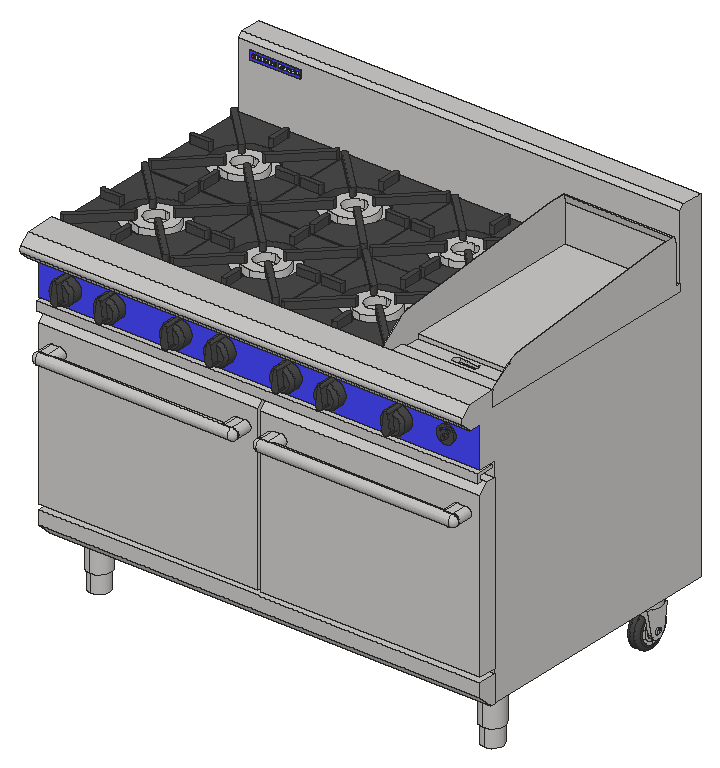
Revit family "QF_MOFFAT_BLUESEAL_CE_G528C", category Specialty Equipment, Revit 2012 (continued)
Definition of nested family "WALDORF LOGO_FACE BASE"
  Forms (mm)
    Extrusion 3, solid, material "QF_Finishes_White", visible <- "Show Logo"
      sketch origin (0, -33.217, 1.588) x (1, 0, 0) y (0, 1, 0)
        loop
          line (123.478, 25.919) -> (123.478, 17.163) -> (134.904, 17.163) -> (134.904, 19.129) -> (129.246, 19.129) -> (129.246, 25.919) -> (123.478, 25.919)
        loop
          line (112.704, 21.258) -> (115.546, 21.258) -> (115.546, 22.702)
          arc (115.546, 22.702) -> (115.344, 23.188) -> (114.858, 23.389) r 0.687
          line (114.858, 23.389) -> (113.363, 23.389)
          arc (113.363, 23.389) -> (112.897, 23.196) -> (112.704, 22.73) r 0.658
          line (112.704, 22.73) -> (112.704, 21.258)
        loop
          line (105.071, 25.919) -> (93.771, 25.919) -> (93.771, 17.163) -> (105.071, 17.163) -> (105.071, 19.063) -> (99.535, 19.063) -> (99.535, 20.437) -> (105.071, 20.437) -> (105.071, 22.278) -> (99.535, 22.278) -> (99.535, 23.587) -> (105.071, 23.587) -> (105.071, 25.919)
        loop
          line (91.104, 25.919) -> (79.541, 25.919)
          arc (79.541, 25.919) -> (78.558, 25.513) -> (78.152, 24.53) r 1.389
          line (78.152, 24.53) -> (78.152, 22.08)
          arc (78.152, 22.08) -> (78.558, 21.098) -> (79.541, 20.691) r 1.389
          line (79.541, 20.691) -> (86.346, 20.691) -> (86.346, 18.864) -> (83.266, 18.864) -> (83.266, 19.664) -> (78.152, 19.664) -> (78.152, 18.553)
          arc (78.152, 18.553) -> (78.558, 17.57) -> (79.541, 17.163) r 1.389
          line (79.541, 17.163) -> (91.063, 17.163)
          arc (91.063, 17.163) -> (92.045, 17.57) -> (92.452, 18.553) r 1.389
          line (92.452, 18.553) -> (92.452, 20.691)
          arc (92.452, 20.691) -> (92.045, 21.673) -> (91.063, 22.08) r 1.389
          line (91.063, 22.08) -> (83.266, 22.08) -> (83.266, 23.984) -> (86.346, 23.984) -> (86.346, 22.743) -> (92.452, 22.743) -> (92.452, 24.571)
          arc (92.452, 24.571) -> (92.057, 25.524) -> (91.104, 25.919) r 1.348
        loop
          line (70.705, 25.919) -> (59.405, 25.919) -> (59.405, 17.163) -> (70.705, 17.163) -> (70.705, 19.063) -> (65.169, 19.063) -> (65.169, 20.437) -> (70.705, 20.437) -> (70.705, 22.278) -> (65.169, 22.278) -> (65.169, 23.587) -> (70.705, 23.587) -> (70.705, 25.919)
        loop
          line (57.598, 25.919) -> (51.7, 25.919) -> (51.7, 20.18)
          arc (51.7, 20.18) -> (50.63, 19.11) -> (49.56, 20.18) r 1.07
          line (49.56, 20.18) -> (49.56, 25.919) -> (43.663, 25.919) -> (43.663, 19.049)
          arc (43.663, 19.049) -> (44.215, 17.716) -> (45.548, 17.163) r 1.885
          line (45.548, 17.163) -> (55.71, 17.163)
          arc (55.71, 17.163) -> (57.045, 17.716) -> (57.598, 19.051) r 1.887
          line (57.598, 19.051) -> (57.598, 25.919)
        loop
          line (31.62, 25.919) -> (31.62, 17.163) -> (43.046, 17.163) -> (43.046, 19.129) -> (37.388, 19.129) -> (37.388, 25.919) -> (31.62, 25.919)
        loop
          line (15.969, 25.919) -> (15.969, 17.163) -> (28.693, 17.163)
          arc (28.693, 17.163) -> (29.812, 17.627) -> (30.276, 18.746) r 1.582
          line (30.276, 18.746) -> (30.276, 20.447) -> (29.48, 21.243) -> (30.276, 22.039) -> (30.276, 24.332)
          arc (30.276, 24.332) -> (29.811, 25.454) -> (28.688, 25.919) r 1.587
          line (28.688, 25.919) -> (15.969, 25.919)
        loop
          line (21.449, 24.159) -> (21.449, 22.436) -> (23.862, 22.436)
          arc (23.862, 22.436) -> (24.723, 23.298) -> (23.862, 24.159) r 0.861
          line (23.862, 24.159) -> (21.449, 24.159)
        loop
          line (21.449, 20.244) -> (21.449, 18.522) -> (23.862, 18.522)
          arc (23.862, 18.522) -> (24.723, 19.383) -> (23.862, 20.244) r 0.861
          line (23.862, 20.244) -> (21.449, 20.244)
      from 0 to 0.2
    Extrusion 4, solid, material "QF_Finishes_Blue", visible <- "Show Logo"
      sketch origin (-126.498, -31.09, 1.588) x (1, 0, 0) y (0, 1, 0)
        loop
          line (136.738, 23.522) -> (136.738, 15.1)
          arc (136.738, 15.1) -> (140.756, 19.311) -> (136.738, 23.522) r 4.216
      from 0 to 0.2
    Extrusion 5, solid, material "QF_Finishes_Red", visible <- "Show Logo"
      sketch origin (146.849, -31.09, 1.588) x (-1, 0, 0) y (0, -1, 0)
        loop
          arc (136.738, -23.522) -> (140.756, -19.311) -> (136.738, -15.1) r 4.216
          line (136.738, -15.1) -> (136.738, -23.522)
      from 0 to 0.2
  Lines and regions (mm)
    Split face 1
      outline origin (-90.35, -30.793, 1.588) x (1, 0, 0) y (0, 1, 0)
        loop
          circle (100.54, 19.013) r 4.536
  Dimensions and locks
    aligned and locked: plane 2 to Extrusion 1
    aligned and locked: level to Extrusion 1
Definition of nested family "GAS BURNER 900 & GRIDDLE 300"
  Parameters (values of type "GAS BURNER 900 & GRIDDLE 300")
    Width [instance] = 1200 mm
    Weight in Pounds = 0
    URL Cutsheet = ""
    Type Mark [instance] = ""
    Status [instance] = ""
    Specification by User [instance] = ""
    Specification by Manufacturer = ""
    Serial Number = ""
    Seismic Rating = ""
    SMACNA No = ""
    Revision Code [instance] = ""
    Omniclass Number and Title = ""
    NAFEM Spec ID Number = ""
    Masterspec = ""
    Item Number [instance] = ""
    Installed By [instance] = ""
    Identify Quantity as Lot [instance] = yes
    Furnished By [instance] = ""
    Foodservice Equipment Identifier [instance] = yes
    Depth [instance] = 635 mm
    CSI MasterFormat = ""
    CSI Master Format = ""
  Reference planes
    plane 1 "BACK": y = 0
    plane 2: z = 0
    plane 3 "LEFT": x = 0
    plane 4 "RIGHT": x = 1200
    plane 5 "FRONT": y = -635
    plane 6 "TOP": z = 142.5
    plane 7 "Center Y": x = 600
    plane 8 "Center X": y = -317.5
  Dimensions and locks
    equal spacing: plane 3 "LEFT", plane 7 "Center Y", plane 4 "RIGHT"
    "Width": plane 3 "LEFT" to plane 4 "RIGHT"
    equal spacing: plane 5 "FRONT", plane 8 "Center X", plane 1 "BACK"
    "Depth": plane 5 "FRONT" to plane 1 "BACK"
    aligned and locked: level to plane 2
  Nested families
    nested 1: "GAS BURNER 900" at (-1, 0, 0), type "GAS BURNER 900"
      with Width 900 mm, Type Mark "", Status "", Specification by User "", Revision Code "", Item Number "", Installed By "", Identify Quantity as Lot yes, Furnished By "", Foodservice Equipment Identifier yes, Depth 635 mm
    nested 2: "GAS GRIDDLE PLATE 600" at (900, -15, 0), type "GAS GRIDDLE PLATE 600"
      with Width 300 mm, Type Mark "", Status "", Specification by User "", Revision Code "", Item Number "", Installed By "", Identify Quantity as Lot yes, Furnished By "", Foodservice Equipment Identifier yes, Depth 620 mm
  Definition of nested family "GAS BURNER 900"
    Parameters (values of type "GAS BURNER 900")
      Width [instance] = 900 mm
      Weight in Pounds = 0
      URL Cutsheet = ""
      Type Mark [instance] = ""
      Status [instance] = ""
      Specification by User [instance] = ""
      Specification by Manufacturer = ""
      Serial Number = ""
      Seismic Rating = ""
      SMACNA No = ""
      Revision Code [instance] = ""
      Omniclass Number and Title = ""
      NAFEM Spec ID Number = ""
      Masterspec = ""
      Item Number [instance] = ""
      Installed By [instance] = ""
      Identify Quantity as Lot [instance] = yes
      Furnished By [instance] = ""
      Foodservice Equipment Identifier [instance] = yes
      Depth [instance] = 635 mm
      CSI MasterFormat = ""
      CSI Master Format = ""
    Reference planes
      plane 1 "BACK": y = 0
      plane 2: z = 0
      plane 3 "LEFT": x = 0
      plane 4 "RIGHT": x = 900
      plane 5 "FRONT": y = -635
      plane 6 "TOP": z = 142.5
      plane 7 "Center Y": x = 450
      plane 8 "Center X": y = -317.5
    Forms (mm)
      Extrusion 1, solid, material "QF_Finishes_Black"
        sketch origin (0, 0, 0) x (0, -1, 0) y (1, 0, 0)
          loop
            line (318.5, 4) -> (318.5, 296)
            arc (318.5, 296) -> (317.621, 298.121) -> (315.5, 299) r 3
            line (315.5, 299) -> (3, 299)
            arc (3, 299) -> (0.879, 298.121) -> (0, 296) r 3
            line (0, 296) -> (0, 4)
            arc (0, 4) -> (0.879, 1.879) -> (3, 1) r 3
            line (3, 1) -> (315.5, 1)
            arc (315.5, 1) -> (317.621, 1.879) -> (318.5, 4) r 3
          loop
            line (324.5, 1) -> (632, 1)
            arc (632, 1) -> (634.121, 1.879) -> (635, 4) r 3
            line (635, 4) -> (635, 296)
            arc (635, 296) -> (634.121, 298.121) -> (632, 299) r 3
            line (632, 299) -> (324.5, 299)
            arc (324.5, 299) -> (322.379, 298.121) -> (321.5, 296) r 3
            line (321.5, 296) -> (321.5, 4)
            arc (321.5, 4) -> (322.379, 1.879) -> (324.5, 1) r 3
          loop
            circle (168.5, 149.991) r 84.082
          loop
            circle (468.5, 149.991) r 84.082
        from 0 to 19.5
      Extrusion 2, solid, material "QF_Finishes_Black"
        sketch origin (0, 0, 19.5) x (0, -1, 0) y (1, 0, 0)
          loop
            spline (326.102, 15.153) -> (325.181, 13.924) -> (324.631, 12.47) -> (324.49, 10.89) -> (324.767, 9.292) -> (325.443, 7.786) -> (326.473, 6.473) -> (327.786, 5.443) -> (329.292, 4.767) -> (330.89, 4.49) -> (332.47, 4.631) -> (333.924, 5.181) -> (335.153, 6.102)
            line (335.153, 6.102) -> (443.076, 114.025)
            spline (443.076, 114.025) -> (443.837, 115.095) -> (444.238, 116.399) -> (444.251, 117.851) -> (443.875, 119.35) -> (443.137, 120.795) -> (442.086, 122.086) -> (440.795, 123.137) -> (439.35, 123.875) -> (437.851, 124.251) -> (436.399, 124.238) -> (435.095, 123.837) -> (434.025, 123.076)
            line (434.025, 123.076) -> (326.102, 15.153)
          loop
            spline (328.898, 156.4) -> (327.604, 156.182) -> (326.398, 155.543) -> (325.362, 154.525) -> (324.568, 153.2) -> (324.068, 151.656) -> (323.898, 150) -> (324.068, 148.344) -> (324.568, 146.8) -> (325.362, 145.475) -> (326.398, 144.457) -> (327.604, 143.818) -> (328.898, 143.6)
            line (328.898, 143.6) -> (378.102, 143.6)
            spline (378.102, 143.6) -> (379.396, 143.818) -> (380.602, 144.457) -> (381.638, 145.475) -> (382.432, 146.8) -> (382.932, 148.344) -> (383.102, 150) -> (382.932, 151.656) -> (382.432, 153.2) -> (381.638, 154.525) -> (380.602, 155.543) -> (379.396, 156.182) -> (378.102, 156.4)
            line (378.102, 156.4) -> (328.898, 156.4)
          loop
            spline (335.153, 293.898) -> (334.084, 294.659) -> (332.779, 295.059) -> (331.328, 295.072) -> (329.829, 294.697) -> (328.384, 293.959) -> (327.092, 292.908) -> (326.041, 291.616) -> (325.303, 290.171) -> (324.928, 288.672) -> (324.941, 287.221) -> (325.341, 285.916) -> (326.102, 284.847)
            line (326.102, 284.847) -> (434.025, 176.924)
            spline (434.025, 176.924) -> (435.095, 176.163) -> (436.399, 175.762) -> (437.851, 175.749) -> (439.35, 176.125) -> (440.795, 176.863) -> (442.086, 177.914) -> (443.137, 179.205) -> (443.875, 180.65) -> (444.251, 182.149) -> (444.238, 183.601) -> (443.837, 184.905) -> (443.076, 185.975)
            line (443.076, 185.975) -> (335.153, 293.898)
          loop
            line (463.6, 291.102) -> (463.6, 241.898)
            spline (463.6, 241.898) -> (463.818, 240.604) -> (464.457, 239.398) -> (465.475, 238.362) -> (466.8, 237.568) -> (468.344, 237.068) -> (470, 236.898) -> (471.656, 237.068) -> (473.2, 237.568) -> (474.525, 238.362) -> (475.543, 239.398) -> (476.182, 240.604) -> (476.4, 241.898)
            line (476.4, 241.898) -> (476.4, 291.102)
            spline (476.4, 291.102) -> (476.182, 292.396) -> (475.543, 293.602) -> (474.525, 294.638) -> (473.2, 295.432) -> (471.656, 295.932) -> (470, 296.102) -> (468.344, 295.932) -> (466.8, 295.432) -> (465.475, 294.638) -> (464.457, 293.602) -> (463.818, 292.396) -> (463.6, 291.102)
          loop
            spline (612.398, 284.847) -> (613.159, 285.916) -> (613.559, 287.221) -> (613.572, 288.672) -> (613.197, 290.171) -> (612.459, 291.616) -> (611.408, 292.908) -> (610.116, 293.959) -> (608.671, 294.697) -> (607.172, 295.072) -> (605.721, 295.059) -> (604.416, 294.659) -> (603.347, 293.898)
            line (603.347, 293.898) -> (496.924, 185.975)
            spline (496.924, 185.975) -> (496.163, 184.905) -> (495.762, 183.601) -> (495.749, 182.149) -> (496.125, 180.65) -> (496.863, 179.205) -> (497.914, 177.914) -> (499.205, 176.863) -> (500.65, 176.125) -> (502.149, 175.749) -> (503.601, 175.762) -> (504.905, 176.163) -> (505.975, 176.924)
            line (505.975, 176.924) -> (612.398, 284.847)
          loop
            spline (609.602, 143.6) -> (610.896, 143.818) -> (612.102, 144.457) -> (613.138, 145.475) -> (613.932, 146.8) -> (614.432, 148.344) -> (614.602, 150) -> (614.432, 151.656) -> (613.932, 153.2) -> (613.138, 154.525) -> (612.102, 155.543) -> (610.896, 156.182) -> (609.602, 156.4)
            line (609.602, 156.4) -> (561.898, 156.4)
            spline (561.898, 156.4) -> (560.604, 156.182) -> (559.398, 155.543) -> (558.362, 154.525) -> (557.568, 153.2) -> (557.068, 151.656) -> (556.898, 150) -> (557.068, 148.344) -> (557.568, 146.8) -> (558.362, 145.475) -> (559.398, 144.457) -> (560.604, 143.818) -> (561.898, 143.6)
            line (561.898, 143.6) -> (609.602, 143.6)
          loop
            line (612.398, 15.153) -> (505.975, 123.076)
            spline (505.975, 123.076) -> (504.905, 123.837) -> (503.601, 124.238) -> (502.149, 124.251) -> (500.65, 123.875) -> (499.205, 123.137) -> (497.914, 122.086) -> (496.863, 120.795) -> (496.125, 119.35) -> (495.749, 117.851) -> (495.762, 116.399) -> (496.163, 115.095) -> (496.924, 114.025)
            line (496.924, 114.025) -> (603.347, 6.102)
            spline (603.347, 6.102) -> (604.416, 5.341) -> (605.721, 4.941) -> (607.172, 4.928) -> (608.671, 5.303) -> (610.116, 6.041) -> (611.408, 7.092) -> (612.459, 8.384) -> (613.197, 9.829) -> (613.572, 11.328) -> (613.559, 12.779) -> (613.159, 14.084) -> (612.398, 15.153)
          loop
            line (476.4, 8.898) -> (476.4, 58.102)
            spline (476.4, 58.102) -> (476.182, 59.396) -> (475.543, 60.602) -> (474.525, 61.638) -> (473.2, 62.432) -> (471.656, 62.932) -> (470, 63.102) -> (468.344, 62.932) -> (466.8, 62.432) -> (465.475, 61.638) -> (464.457, 60.602) -> (463.818, 59.396) -> (463.6, 58.102)
            line (463.6, 58.102) -> (463.6, 8.898)
            spline (463.6, 8.898) -> (463.818, 7.604) -> (464.457, 6.398) -> (465.475, 5.362) -> (466.8, 4.568) -> (468.344, 4.068) -> (470, 3.898) -> (471.656, 4.068) -> (473.2, 4.568) -> (474.525, 5.362) -> (475.543, 6.398) -> (476.182, 7.604) -> (476.4, 8.898)
          loop
            spline (22.602, 15.153) -> (21.681, 13.924) -> (21.131, 12.47) -> (20.99, 10.89) -> (21.267, 9.292) -> (21.943, 7.786) -> (22.973, 6.473) -> (24.286, 5.443) -> (25.792, 4.767) -> (27.39, 4.49) -> (28.97, 4.631) -> (30.424, 5.181) -> (31.653, 6.102)
            line (31.653, 6.102) -> (139.576, 114.025)
            spline (139.576, 114.025) -> (140.337, 115.095) -> (140.738, 116.399) -> (140.751, 117.851) -> (140.375, 119.35) -> (139.637, 120.795) -> (138.586, 122.086) -> (137.295, 123.137) -> (135.85, 123.875) -> (134.351, 124.251) -> (132.899, 124.238) -> (131.595, 123.837) -> (130.525, 123.076)
            line (130.525, 123.076) -> (22.602, 15.153)
          loop
            spline (25.398, 156.4) -> (24.104, 156.182) -> (22.898, 155.543) -> (21.862, 154.525) -> (21.068, 153.2) -> (20.568, 151.656) -> (20.398, 150) -> (20.568, 148.344) -> (21.068, 146.8) -> (21.862, 145.475) -> (22.898, 144.457) -> (24.104, 143.818) -> (25.398, 143.6)
            line (25.398, 143.6) -> (74.602, 143.6)
            spline (74.602, 143.6) -> (75.896, 143.818) -> (77.102, 144.457) -> (78.138, 145.475) -> (78.932, 146.8) -> (79.432, 148.344) -> (79.602, 150) -> (79.432, 151.656) -> (78.932, 153.2) -> (78.138, 154.525) -> (77.102, 155.543) -> (75.896, 156.182) -> (74.602, 156.4)
            line (74.602, 156.4) -> (25.398, 156.4)
          loop
            spline (31.653, 293.898) -> (30.584, 294.659) -> (29.279, 295.059) -> (27.828, 295.072) -> (26.329, 294.697) -> (24.884, 293.959) -> (23.592, 292.908) -> (22.541, 291.616) -> (21.803, 290.171) -> (21.428, 288.672) -> (21.441, 287.221) -> (21.841, 285.916) -> (22.602, 284.847)
            line (22.602, 284.847) -> (130.525, 176.924)
            spline (130.525, 176.924) -> (131.595, 176.163) -> (132.899, 175.762) -> (134.351, 175.749) -> (135.85, 176.125) -> (137.295, 176.863) -> (138.586, 177.914) -> (139.637, 179.205) -> (140.375, 180.65) -> (140.751, 182.149) -> (140.738, 183.601) -> (140.337, 184.905) -> (139.576, 185.975)
            line (139.576, 185.975) -> (31.653, 293.898)
          loop
            line (160.1, 291.102) -> (160.1, 241.898)
            spline (160.1, 241.898) -> (160.318, 240.604) -> (160.957, 239.398) -> (161.975, 238.362) -> (163.3, 237.568) -> (164.844, 237.068) -> (166.5, 236.898) -> (168.156, 237.068) -> (169.7, 237.568) -> (171.025, 238.362) -> (172.043, 239.398) -> (172.682, 240.604) -> (172.9, 241.898)
            line (172.9, 241.898) -> (172.9, 291.102)
            spline (172.9, 291.102) -> (172.682, 292.396) -> (172.043, 293.602) -> (171.025, 294.638) -> (169.7, 295.432) -> (168.156, 295.932) -> (166.5, 296.102) -> (164.844, 295.932) -> (163.3, 295.432) -> (161.975, 294.638) -> (160.957, 293.602) -> (160.318, 292.396) -> (160.1, 291.102)
          loop
            spline (313.898, 284.847) -> (314.659, 285.916) -> (315.059, 287.221) -> (315.072, 288.672) -> (314.697, 290.171) -> (313.959, 291.616) -> (312.908, 292.908) -> (311.616, 293.959) -> (310.171, 294.697) -> (308.672, 295.072) -> (307.221, 295.059) -> (305.916, 294.659) -> (304.847, 293.898)
            line (304.847, 293.898) -> (193.424, 185.975)
            spline (193.424, 185.975) -> (192.663, 184.905) -> (192.262, 183.601) -> (192.249, 182.149) -> (192.625, 180.65) -> (193.363, 179.205) -> (194.414, 177.914) -> (195.705, 176.863) -> (197.15, 176.125) -> (198.649, 175.749) -> (200.101, 175.762) -> (201.405, 176.163) -> (202.475, 176.924)
            line (202.475, 176.924) -> (313.898, 284.847)
          loop
            spline (311.102, 143.6) -> (312.396, 143.818) -> (313.602, 144.457) -> (314.638, 145.475) -> (315.432, 146.8) -> (315.932, 148.344) -> (316.102, 150) -> (315.932, 151.656) -> (315.432, 153.2) -> (314.638, 154.525) -> (313.602, 155.543) -> (312.396, 156.182) -> (311.102, 156.4)
            line (311.102, 156.4) -> (261.898, 156.4)
            spline (261.898, 156.4) -> (260.604, 156.182) -> (259.398, 155.543) -> (258.362, 154.525) -> (257.568, 153.2) -> (257.068, 151.656) -> (256.898, 150) -> (257.068, 148.344) -> (257.568, 146.8) -> (258.362, 145.475) -> (259.398, 144.457) -> (260.604, 143.818) -> (261.898, 143.6)
            line (261.898, 143.6) -> (311.102, 143.6)
          loop
            line (313.898, 15.153) -> (202.475, 123.076)
            spline (202.475, 123.076) -> (201.405, 123.837) -> (200.101, 124.238) -> (198.649, 124.251) -> (197.15, 123.875) -> (195.705, 123.137) -> (194.414, 122.086) -> (193.363, 120.795) -> (192.625, 119.35) -> (192.249, 117.851) -> (192.262, 116.399) -> (192.663, 115.095) -> (193.424, 114.025)
            line (193.424, 114.025) -> (304.847, 6.102)
            spline (304.847, 6.102) -> (305.916, 5.341) -> (307.221, 4.941) -> (308.672, 4.928) -> (310.171, 5.303) -> (311.616, 6.041) -> (312.908, 7.092) -> (313.959, 8.384) -> (314.697, 9.829) -> (315.072, 11.328) -> (315.059, 12.779) -> (314.659, 14.084) -> (313.898, 15.153)
          loop
            line (172.9, 8.898) -> (172.9, 58.102)
            spline (172.9, 58.102) -> (172.682, 59.396) -> (172.043, 60.602) -> (171.025, 61.638) -> (169.7, 62.432) -> (168.156, 62.932) -> (166.5, 63.102) -> (164.844, 62.932) -> (163.3, 62.432) -> (161.975, 61.638) -> (160.957, 60.602) -> (160.318, 59.396) -> (160.1, 58.102)
            line (160.1, 58.102) -> (160.1, 8.898)
            spline (160.1, 8.898) -> (160.318, 7.604) -> (160.957, 6.398) -> (161.975, 5.362) -> (163.3, 4.568) -> (164.844, 4.068) -> (166.5, 3.898) -> (168.156, 4.068) -> (169.7, 4.568) -> (171.025, 5.362) -> (172.043, 6.398) -> (172.682, 7.604) -> (172.9, 8.898)
        from 0 to 20.5
      Extrusion 3, solid, material "QF_Finishes_Stainless Steel"
        sketch origin (0, -15.098, 0) x (0, -1, 0) y (1, 0, 0)
          loop
            circle (151.402, 150) r 57
          loop
            circle (451.402, 150) r 57
          loop
            circle (151.402, 150) r 30
          loop
            circle (451.402, 150) r 30
        from 0 to 20
      Extrusion 4, solid, material "QF_Finishes_Black"
        sketch origin (600, 0, 0) x (0, -1, 0) y (1, 0, 0)
          loop
            arc (318.5, -4) -> (317.621, -1.879) -> (315.5, -1) r 3
            line (315.5, -1) -> (3, -1)
            arc (3, -1) -> (0.879, -1.879) -> (0, -4) r 3
            line (0, -4) -> (0, -296)
            arc (0, -296) -> (0.879, -298.121) -> (3, -299) r 3
            line (3, -299) -> (315.5, -299)
            arc (315.5, -299) -> (317.621, -298.121) -> (318.5, -296) r 3
            line (318.5, -296) -> (318.5, -4)
          loop
            arc (324.5, -1) -> (322.379, -1.879) -> (321.5, -4) r 3
            line (321.5, -4) -> (321.5, -296)
            arc (321.5, -296) -> (322.379, -298.121) -> (324.5, -299) r 3
            line (324.5, -299) -> (632, -299)
            arc (632, -299) -> (634.121, -298.121) -> (635, -296) r 3
            line (635, -296) -> (635, -4)
            arc (635, -4) -> (634.121, -1.879) -> (632, -1) r 3
            line (632, -1) -> (324.5, -1)
          loop
            circle (168.5, -149.991) r 84.082
          loop
            circle (468.5, -149.991) r 84.082
        from 0 to 19.5
      Extrusion 5, solid, material "QF_Finishes_Black"
        sketch origin (600, 0, 19.5) x (0, -1, 0) y (1, 0, 0)
          loop
            line (326.102, -15.153) -> (434.025, -123.076)
            spline (434.025, -123.076) -> (435.095, -123.837) -> (436.399, -124.238) -> (437.851, -124.251) -> (439.35, -123.875) -> (440.795, -123.137) -> (442.086, -122.086) -> (443.137, -120.795) -> (443.875, -119.35) -> (444.251, -117.851) -> (444.238, -116.399) -> (443.837, -115.095) -> (443.076, -114.025)
            line (443.076, -114.025) -> (335.153, -6.102)
            spline (335.153, -6.102) -> (333.924, -5.181) -> (332.47, -4.631) -> (330.89, -4.49) -> (329.292, -4.767) -> (327.786, -5.443) -> (326.473, -6.473) -> (325.443, -7.786) -> (324.767, -9.292) -> (324.49, -10.89) -> (324.631, -12.47) -> (325.181, -13.924) -> (326.102, -15.153)
          loop
            line (328.898, -156.4) -> (378.102, -156.4)
            spline (378.102, -156.4) -> (379.396, -156.182) -> (380.602, -155.543) -> (381.638, -154.525) -> (382.432, -153.2) -> (382.932, -151.656) -> (383.102, -150) -> (382.932, -148.344) -> (382.432, -146.8) -> (381.638, -145.475) -> (380.602, -144.457) -> (379.396, -143.818) -> (378.102, -143.6)
            line (378.102, -143.6) -> (328.898, -143.6)
            spline (328.898, -143.6) -> (327.604, -143.818) -> (326.398, -144.457) -> (325.362, -145.475) -> (324.568, -146.8) -> (324.068, -148.344) -> (323.898, -150) -> (324.068, -151.656) -> (324.568, -153.2) -> (325.362, -154.525) -> (326.398, -155.543) -> (327.604, -156.182) -> (328.898, -156.4)
          loop
            line (335.153, -293.898) -> (443.076, -185.975)
            spline (443.076, -185.975) -> (443.837, -184.905) -> (444.238, -183.601) -> (444.251, -182.149) -> (443.875, -180.65) -> (443.137, -179.205) -> (442.086, -177.914) -> (440.795, -176.863) -> (439.35, -176.125) -> (437.851, -175.749) -> (436.399, -175.762) -> (435.095, -176.163) -> (434.025, -176.924)
            line (434.025, -176.924) -> (326.102, -284.847)
            spline (326.102, -284.847) -> (325.341, -285.916) -> (324.941, -287.221) -> (324.928, -288.672) -> (325.303, -290.171) -> (326.041, -291.616) -> (327.092, -292.908) -> (328.384, -293.959) -> (329.829, -294.697) -> (331.328, -295.072) -> (332.779, -295.059) -> (334.084, -294.659) -> (335.153, -293.898)
          loop
            spline (463.6, -291.102) -> (463.818, -292.396) -> (464.457, -293.602) -> (465.475, -294.638) -> (466.8, -295.432) -> (468.344, -295.932) -> (470, -296.102) -> (471.656, -295.932) -> (473.2, -295.432) -> (474.525, -294.638) -> (475.543, -293.602) -> (476.182, -292.396) -> (476.4, -291.102)
            line (476.4, -291.102) -> (476.4, -241.898)
            spline (476.4, -241.898) -> (476.182, -240.604) -> (475.543, -239.398) -> (474.525, -238.362) -> (473.2, -237.568) -> (471.656, -237.068) -> (470, -236.898) -> (468.344, -237.068) -> (466.8, -237.568) -> (465.475, -238.362) -> (464.457, -239.398) -> (463.818, -240.604) -> (463.6, -241.898)
            line (463.6, -241.898) -> (463.6, -291.102)
          loop
            line (612.398, -284.847) -> (505.975, -176.924)
            spline (505.975, -176.924) -> (504.905, -176.163) -> (503.601, -175.762) -> (502.149, -175.749) -> (500.65, -176.125) -> (499.205, -176.863) -> (497.914, -177.914) -> (496.863, -179.205) -> (496.125, -180.65) -> (495.749, -182.149) -> (495.762, -183.601) -> (496.163, -184.905) -> (496.924, -185.975)
            line (496.924, -185.975) -> (603.347, -293.898)
            spline (603.347, -293.898) -> (604.416, -294.659) -> (605.721, -295.059) -> (607.172, -295.072) -> (608.671, -294.697) -> (610.116, -293.959) -> (611.408, -292.908) -> (612.459, -291.616) -> (613.197, -290.171) -> (613.572, -288.672) -> (613.559, -287.221) -> (613.159, -285.916) -> (612.398, -284.847)
          loop
            line (609.602, -143.6) -> (561.898, -143.6)
            spline (561.898, -143.6) -> (560.604, -143.818) -> (559.398, -144.457) -> (558.362, -145.475) -> (557.568, -146.8) -> (557.068, -148.344) -> (556.898, -150) -> (557.068, -151.656) -> (557.568, -153.2) -> (558.362, -154.525) -> (559.398, -155.543) -> (560.604, -156.182) -> (561.898, -156.4)
            line (561.898, -156.4) -> (609.602, -156.4)
            spline (609.602, -156.4) -> (610.896, -156.182) -> (612.102, -155.543) -> (613.138, -154.525) -> (613.932, -153.2) -> (614.432, -151.656) -> (614.602, -150) -> (614.432, -148.344) -> (613.932, -146.8) -> (613.138, -145.475) -> (612.102, -144.457) -> (610.896, -143.818) -> (609.602, -143.6)
          loop
            spline (612.398, -15.153) -> (613.159, -14.084) -> (613.559, -12.779) -> (613.572, -11.328) -> (613.197, -9.829) -> (612.459, -8.384) -> (611.408, -7.092) -> (610.116, -6.041) -> (608.671, -5.303) -> (607.172, -4.928) -> (605.721, -4.941) -> (604.416, -5.341) -> (603.347, -6.102)
            line (603.347, -6.102) -> (496.924, -114.025)
            spline (496.924, -114.025) -> (496.163, -115.095) -> (495.762, -116.399) -> (495.749, -117.851) -> (496.125, -119.35) -> (496.863, -120.795) -> (497.914, -122.086) -> (499.205, -123.137) -> (500.65, -123.875) -> (502.149, -124.251) -> (503.601, -124.238) -> (504.905, -123.837) -> (505.975, -123.076)
            line (505.975, -123.076) -> (612.398, -15.153)
          loop
            spline (476.4, -8.898) -> (476.182, -7.604) -> (475.543, -6.398) -> (474.525, -5.362) -> (473.2, -4.568) -> (471.656, -4.068) -> (470, -3.898) -> (468.344, -4.068) -> (466.8, -4.568) -> (465.475, -5.362) -> (464.457, -6.398) -> (463.818, -7.604) -> (463.6, -8.898)
            line (463.6, -8.898) -> (463.6, -58.102)
            spline (463.6, -58.102) -> (463.818, -59.396) -> (464.457, -60.602) -> (465.475, -61.638) -> (466.8, -62.432) -> (468.344, -62.932) -> (470, -63.102) -> (471.656, -62.932) -> (473.2, -62.432) -> (474.525, -61.638) -> (475.543, -60.602) -> (476.182, -59.396) -> (476.4, -58.102)
            line (476.4, -58.102) -> (476.4, -8.898)
          loop
            line (22.602, -15.153) -> (130.525, -123.076)
            spline (130.525, -123.076) -> (131.595, -123.837) -> (132.899, -124.238) -> (134.351, -124.251) -> (135.85, -123.875) -> (137.295, -123.137) -> (138.586, -122.086) -> (139.637, -120.795) -> (140.375, -119.35) -> (140.751, -117.851) -> (140.738, -116.399) -> (140.337, -115.095) -> (139.576, -114.025)
            line (139.576, -114.025) -> (31.653, -6.102)
            spline (31.653, -6.102) -> (30.424, -5.181) -> (28.97, -4.631) -> (27.39, -4.49) -> (25.792, -4.767) -> (24.286, -5.443) -> (22.973, -6.473) -> (21.943, -7.786) -> (21.267, -9.292) -> (20.99, -10.89) -> (21.131, -12.47) -> (21.681, -13.924) -> (22.602, -15.153)
          loop
            line (25.398, -156.4) -> (74.602, -156.4)
            spline (74.602, -156.4) -> (75.896, -156.182) -> (77.102, -155.543) -> (78.138, -154.525) -> (78.932, -153.2) -> (79.432, -151.656) -> (79.602, -150) -> (79.432, -148.344) -> (78.932, -146.8) -> (78.138, -145.475) -> (77.102, -144.457) -> (75.896, -143.818) -> (74.602, -143.6)
            line (74.602, -143.6) -> (25.398, -143.6)
            spline (25.398, -143.6) -> (24.104, -143.818) -> (22.898, -144.457) -> (21.862, -145.475) -> (21.068, -146.8) -> (20.568, -148.344) -> (20.398, -150) -> (20.568, -151.656) -> (21.068, -153.2) -> (21.862, -154.525) -> (22.898, -155.543) -> (24.104, -156.182) -> (25.398, -156.4)
          loop
            line (31.653, -293.898) -> (139.576, -185.975)
            spline (139.576, -185.975) -> (140.337, -184.905) -> (140.738, -183.601) -> (140.751, -182.149) -> (140.375, -180.65) -> (139.637, -179.205) -> (138.586, -177.914) -> (137.295, -176.863) -> (135.85, -176.125) -> (134.351, -175.749) -> (132.899, -175.762) -> (131.595, -176.163) -> (130.525, -176.924)
            line (130.525, -176.924) -> (22.602, -284.847)
            spline (22.602, -284.847) -> (21.841, -285.916) -> (21.441, -287.221) -> (21.428, -288.672) -> (21.803, -290.171) -> (22.541, -291.616) -> (23.592, -292.908) -> (24.884, -293.959) -> (26.329, -294.697) -> (27.828, -295.072) -> (29.279, -295.059) -> (30.584, -294.659) -> (31.653, -293.898)
          loop
            spline (160.1, -291.102) -> (160.318, -292.396) -> (160.957, -293.602) -> (161.975, -294.638) -> (163.3, -295.432) -> (164.844, -295.932) -> (166.5, -296.102) -> (168.156, -295.932) -> (169.7, -295.432) -> (171.025, -294.638) -> (172.043, -293.602) -> (172.682, -292.396) -> (172.9, -291.102)
            line (172.9, -291.102) -> (172.9, -241.898)
            spline (172.9, -241.898) -> (172.682, -240.604) -> (172.043, -239.398) -> (171.025, -238.362) -> (169.7, -237.568) -> (168.156, -237.068) -> (166.5, -236.898) -> (164.844, -237.068) -> (163.3, -237.568) -> (161.975, -238.362) -> (160.957, -239.398) -> (160.318, -240.604) -> (160.1, -241.898)
            line (160.1, -241.898) -> (160.1, -291.102)
          loop
            line (313.898, -284.847) -> (202.475, -176.924)
            spline (202.475, -176.924) -> (201.405, -176.163) -> (200.101, -175.762) -> (198.649, -175.749) -> (197.15, -176.125) -> (195.705, -176.863) -> (194.414, -177.914) -> (193.363, -179.205) -> (192.625, -180.65) -> (192.249, -182.149) -> (192.262, -183.601) -> (192.663, -184.905) -> (193.424, -185.975)
            line (193.424, -185.975) -> (304.847, -293.898)
            spline (304.847, -293.898) -> (305.916, -294.659) -> (307.221, -295.059) -> (308.672, -295.072) -> (310.171, -294.697) -> (311.616, -293.959) -> (312.908, -292.908) -> (313.959, -291.616) -> (314.697, -290.171) -> (315.072, -288.672) -> (315.059, -287.221) -> (314.659, -285.916) -> (313.898, -284.847)
          loop
            line (311.102, -143.6) -> (261.898, -143.6)
            spline (261.898, -143.6) -> (260.604, -143.818) -> (259.398, -144.457) -> (258.362, -145.475) -> (257.568, -146.8) -> (257.068, -148.344) -> (256.898, -150) -> (257.068, -151.656) -> (257.568, -153.2) -> (258.362, -154.525) -> (259.398, -155.543) -> (260.604, -156.182) -> (261.898, -156.4)
            line (261.898, -156.4) -> (311.102, -156.4)
            spline (311.102, -156.4) -> (312.396, -156.182) -> (313.602, -155.543) -> (314.638, -154.525) -> (315.432, -153.2) -> (315.932, -151.656) -> (316.102, -150) -> (315.932, -148.344) -> (315.432, -146.8) -> (314.638, -145.475) -> (313.602, -144.457) -> (312.396, -143.818) -> (311.102, -143.6)
          loop
            spline (313.898, -15.153) -> (314.659, -14.084) -> (315.059, -12.779) -> (315.072, -11.328) -> (314.697, -9.829) -> (313.959, -8.384) -> (312.908, -7.092) -> (311.616, -6.041) -> (310.171, -5.303) -> (308.672, -4.928) -> (307.221, -4.941) -> (305.916, -5.341) -> (304.847, -6.102)
            line (304.847, -6.102) -> (193.424, -114.025)
            spline (193.424, -114.025) -> (192.663, -115.095) -> (192.262, -116.399) -> (192.249, -117.851) -> (192.625, -119.35) -> (193.363, -120.795) -> (194.414, -122.086) -> (195.705, -123.137) -> (197.15, -123.875) -> (198.649, -124.251) -> (200.101, -124.238) -> (201.405, -123.837) -> (202.475, -123.076)
            line (202.475, -123.076) -> (313.898, -15.153)
          loop
            spline (172.9, -8.898) -> (172.682, -7.604) -> (172.043, -6.398) -> (171.025, -5.362) -> (169.7, -4.568) -> (168.156, -4.068) -> (166.5, -3.898) -> (164.844, -4.068) -> (163.3, -4.568) -> (161.975, -5.362) -> (160.957, -6.398) -> (160.318, -7.604) -> (160.1, -8.898)
            line (160.1, -8.898) -> (160.1, -58.102)
            spline (160.1, -58.102) -> (160.318, -59.396) -> (160.957, -60.602) -> (161.975, -61.638) -> (163.3, -62.432) -> (164.844, -62.932) -> (166.5, -63.102) -> (168.156, -62.932) -> (169.7, -62.432) -> (171.025, -61.638) -> (172.043, -60.602) -> (172.682, -59.396) -> (172.9, -58.102)
            line (172.9, -58.102) -> (172.9, -8.898)
        from 0 to 20.5
      Extrusion 6, solid, material "QF_Finishes_Stainless Steel"
        sketch origin (600, -15.098, 0) x (0, -1, 0) y (1, 0, 0)
          loop
            circle (151.402, -150) r 57
          loop
            circle (451.402, -150) r 57
          loop
            circle (151.402, -150) r 30
          loop
            circle (451.402, -150) r 30
        from 0 to 20
      Extrusion 7, solid, material "QF_Finishes_Black"
        sketch origin (901, 0, 19.5) x (0, -1, 0) y (1, 0, 0)
          loop
            line (326.102, -15.153) -> (434.025, -123.076)
            spline (434.025, -123.076) -> (435.095, -123.837) -> (436.399, -124.238) -> (437.851, -124.251) -> (439.35, -123.875) -> (440.795, -123.137) -> (442.086, -122.086) -> (443.137, -120.795) -> (443.875, -119.35) -> (444.251, -117.851) -> (444.238, -116.399) -> (443.837, -115.095) -> (443.076, -114.025)
            line (443.076, -114.025) -> (335.153, -6.102)
            spline (335.153, -6.102) -> (333.924, -5.181) -> (332.47, -4.631) -> (330.89, -4.49) -> (329.292, -4.767) -> (327.786, -5.443) -> (326.473, -6.473) -> (325.443, -7.786) -> (324.767, -9.292) -> (324.49, -10.89) -> (324.631, -12.47) -> (325.181, -13.924) -> (326.102, -15.153)
          loop
            line (328.898, -156.4) -> (378.102, -156.4)
            spline (378.102, -156.4) -> (379.396, -156.182) -> (380.602, -155.543) -> (381.638, -154.525) -> (382.432, -153.2) -> (382.932, -151.656) -> (383.102, -150) -> (382.932, -148.344) -> (382.432, -146.8) -> (381.638, -145.475) -> (380.602, -144.457) -> (379.396, -143.818) -> (378.102, -143.6)
            line (378.102, -143.6) -> (328.898, -143.6)
            spline (328.898, -143.6) -> (327.604, -143.818) -> (326.398, -144.457) -> (325.362, -145.475) -> (324.568, -146.8) -> (324.068, -148.344) -> (323.898, -150) -> (324.068, -151.656) -> (324.568, -153.2) -> (325.362, -154.525) -> (326.398, -155.543) -> (327.604, -156.182) -> (328.898, -156.4)
          loop
            line (335.153, -293.898) -> (443.076, -185.975)
            spline (443.076, -185.975) -> (443.837, -184.905) -> (444.238, -183.601) -> (444.251, -182.149) -> (443.875, -180.65) -> (443.137, -179.205) -> (442.086, -177.914) -> (440.795, -176.863) -> (439.35, -176.125) -> (437.851, -175.749) -> (436.399, -175.762) -> (435.095, -176.163) -> (434.025, -176.924)
            line (434.025, -176.924) -> (326.102, -284.847)
            spline (326.102, -284.847) -> (325.341, -285.916) -> (324.941, -287.221) -> (324.928, -288.672) -> (325.303, -290.171) -> (326.041, -291.616) -> (327.092, -292.908) -> (328.384, -293.959) -> (329.829, -294.697) -> (331.328, -295.072) -> (332.779, -295.059) -> (334.084, -294.659) -> (335.153, -293.898)
          loop
            spline (463.6, -291.102) -> (463.818, -292.396) -> (464.457, -293.602) -> (465.475, -294.638) -> (466.8, -295.432) -> (468.344, -295.932) -> (470, -296.102) -> (471.656, -295.932) -> (473.2, -295.432) -> (474.525, -294.638) -> (475.543, -293.602) -> (476.182, -292.396) -> (476.4, -291.102)
            line (476.4, -291.102) -> (476.4, -241.898)
            spline (476.4, -241.898) -> (476.182, -240.604) -> (475.543, -239.398) -> (474.525, -238.362) -> (473.2, -237.568) -> (471.656, -237.068) -> (470, -236.898) -> (468.344, -237.068) -> (466.8, -237.568) -> (465.475, -238.362) -> (464.457, -239.398) -> (463.818, -240.604) -> (463.6, -241.898)
            line (463.6, -241.898) -> (463.6, -291.102)
          loop
            line (612.398, -284.847) -> (505.975, -176.924)
            spline (505.975, -176.924) -> (504.905, -176.163) -> (503.601, -175.762) -> (502.149, -175.749) -> (500.65, -176.125) -> (499.205, -176.863) -> (497.914, -177.914) -> (496.863, -179.205) -> (496.125, -180.65) -> (495.749, -182.149) -> (495.762, -183.601) -> (496.163, -184.905) -> (496.924, -185.975)
            line (496.924, -185.975) -> (603.347, -293.898)
            spline (603.347, -293.898) -> (604.416, -294.659) -> (605.721, -295.059) -> (607.172, -295.072) -> (608.671, -294.697) -> (610.116, -293.959) -> (611.408, -292.908) -> (612.459, -291.616) -> (613.197, -290.171) -> (613.572, -288.672) -> (613.559, -287.221) -> (613.159, -285.916) -> (612.398, -284.847)
          loop
            line (609.602, -143.6) -> (561.898, -143.6)
            spline (561.898, -143.6) -> (560.604, -143.818) -> (559.398, -144.457) -> (558.362, -145.475) -> (557.568, -146.8) -> (557.068, -148.344) -> (556.898, -150) -> (557.068, -151.656) -> (557.568, -153.2) -> (558.362, -154.525) -> (559.398, -155.543) -> (560.604, -156.182) -> (561.898, -156.4)
            line (561.898, -156.4) -> (609.602, -156.4)
            spline (609.602, -156.4) -> (610.896, -156.182) -> (612.102, -155.543) -> (613.138, -154.525) -> (613.932, -153.2) -> (614.432, -151.656) -> (614.602, -150) -> (614.432, -148.344) -> (613.932, -146.8) -> (613.138, -145.475) -> (612.102, -144.457) -> (610.896, -143.818) -> (609.602, -143.6)
          loop
            spline (612.398, -15.153) -> (613.159, -14.084) -> (613.559, -12.779) -> (613.572, -11.328) -> (613.197, -9.829) -> (612.459, -8.384) -> (611.408, -7.092) -> (610.116, -6.041) -> (608.671, -5.303) -> (607.172, -4.928) -> (605.721, -4.941) -> (604.416, -5.341) -> (603.347, -6.102)
            line (603.347, -6.102) -> (496.924, -114.025)
            spline (496.924, -114.025) -> (496.163, -115.095) -> (495.762, -116.399) -> (495.749, -117.851) -> (496.125, -119.35) -> (496.863, -120.795) -> (497.914, -122.086) -> (499.205, -123.137) -> (500.65, -123.875) -> (502.149, -124.251) -> (503.601, -124.238) -> (504.905, -123.837) -> (505.975, -123.076)
            line (505.975, -123.076) -> (612.398, -15.153)
          loop
            spline (476.4, -8.898) -> (476.182, -7.604) -> (475.543, -6.398) -> (474.525, -5.362) -> (473.2, -4.568) -> (471.656, -4.068) -> (470, -3.898) -> (468.344, -4.068) -> (466.8, -4.568) -> (465.475, -5.362) -> (464.457, -6.398) -> (463.818, -7.604) -> (463.6, -8.898)
            line (463.6, -8.898) -> (463.6, -58.102)
            spline (463.6, -58.102) -> (463.818, -59.396) -> (464.457, -60.602) -> (465.475, -61.638) -> (466.8, -62.432) -> (468.344, -62.932) -> (470, -63.102) -> (471.656, -62.932) -> (473.2, -62.432) -> (474.525, -61.638) -> (475.543, -60.602) -> (476.182, -59.396) -> (476.4, -58.102)
            line (476.4, -58.102) -> (476.4, -8.898)
          loop
            line (22.602, -15.153) -> (130.525, -123.076)
            spline (130.525, -123.076) -> (131.595, -123.837) -> (132.899, -124.238) -> (134.351, -124.251) -> (135.85, -123.875) -> (137.295, -123.137) -> (138.586, -122.086) -> (139.637, -120.795) -> (140.375, -119.35) -> (140.751, -117.851) -> (140.738, -116.399) -> (140.337, -115.095) -> (139.576, -114.025)
            line (139.576, -114.025) -> (31.653, -6.102)
            spline (31.653, -6.102) -> (30.424, -5.181) -> (28.97, -4.631) -> (27.39, -4.49) -> (25.792, -4.767) -> (24.286, -5.443) -> (22.973, -6.473) -> (21.943, -7.786) -> (21.267, -9.292) -> (20.99, -10.89) -> (21.131, -12.47) -> (21.681, -13.924) -> (22.602, -15.153)
          loop
            line (25.398, -156.4) -> (74.602, -156.4)
            spline (74.602, -156.4) -> (75.896, -156.182) -> (77.102, -155.543) -> (78.138, -154.525) -> (78.932, -153.2) -> (79.432, -151.656) -> (79.602, -150) -> (79.432, -148.344) -> (78.932, -146.8) -> (78.138, -145.475) -> (77.102, -144.457) -> (75.896, -143.818) -> (74.602, -143.6)
            line (74.602, -143.6) -> (25.398, -143.6)
            spline (25.398, -143.6) -> (24.104, -143.818) -> (22.898, -144.457) -> (21.862, -145.475) -> (21.068, -146.8) -> (20.568, -148.344) -> (20.398, -150) -> (20.568, -151.656) -> (21.068, -153.2) -> (21.862, -154.525) -> (22.898, -155.543) -> (24.104, -156.182) -> (25.398, -156.4)
          loop
            line (31.653, -293.898) -> (139.576, -185.975)
            spline (139.576, -185.975) -> (140.337, -184.905) -> (140.738, -183.601) -> (140.751, -182.149) -> (140.375, -180.65) -> (139.637, -179.205) -> (138.586, -177.914) -> (137.295, -176.863) -> (135.85, -176.125) -> (134.351, -175.749) -> (132.899, -175.762) -> (131.595, -176.163) -> (130.525, -176.924)
            line (130.525, -176.924) -> (22.602, -284.847)
            spline (22.602, -284.847) -> (21.841, -285.916) -> (21.441, -287.221) -> (21.428, -288.672) -> (21.803, -290.171) -> (22.541, -291.616) -> (23.592, -292.908) -> (24.884, -293.959) -> (26.329, -294.697) -> (27.828, -295.072) -> (29.279, -295.059) -> (30.584, -294.659) -> (31.653, -293.898)
          loop
            spline (160.1, -291.102) -> (160.318, -292.396) -> (160.957, -293.602) -> (161.975, -294.638) -> (163.3, -295.432) -> (164.844, -295.932) -> (166.5, -296.102) -> (168.156, -295.932) -> (169.7, -295.432) -> (171.025, -294.638) -> (172.043, -293.602) -> (172.682, -292.396) -> (172.9, -291.102)
            line (172.9, -291.102) -> (172.9, -241.898)
            spline (172.9, -241.898) -> (172.682, -240.604) -> (172.043, -239.398) -> (171.025, -238.362) -> (169.7, -237.568) -> (168.156, -237.068) -> (166.5, -236.898) -> (164.844, -237.068) -> (163.3, -237.568) -> (161.975, -238.362) -> (160.957, -239.398) -> (160.318, -240.604) -> (160.1, -241.898)
            line (160.1, -241.898) -> (160.1, -291.102)
          loop
            line (313.898, -284.847) -> (202.475, -176.924)
            spline (202.475, -176.924) -> (201.405, -176.163) -> (200.101, -175.762) -> (198.649, -175.749) -> (197.15, -176.125) -> (195.705, -176.863) -> (194.414, -177.914) -> (193.363, -179.205) -> (192.625, -180.65) -> (192.249, -182.149) -> (192.262, -183.601) -> (192.663, -184.905) -> (193.424, -185.975)
            line (193.424, -185.975) -> (304.847, -293.898)
            spline (304.847, -293.898) -> (305.916, -294.659) -> (307.221, -295.059) -> (308.672, -295.072) -> (310.171, -294.697) -> (311.616, -293.959) -> (312.908, -292.908) -> (313.959, -291.616) -> (314.697, -290.171) -> (315.072, -288.672) -> (315.059, -287.221) -> (314.659, -285.916) -> (313.898, -284.847)
          loop
            line (311.102, -143.6) -> (261.898, -143.6)
            spline (261.898, -143.6) -> (260.604, -143.818) -> (259.398, -144.457) -> (258.362, -145.475) -> (257.568, -146.8) -> (257.068, -148.344) -> (256.898, -150) -> (257.068, -151.656) -> (257.568, -153.2) -> (258.362, -154.525) -> (259.398, -155.543) -> (260.604, -156.182) -> (261.898, -156.4)
            line (261.898, -156.4) -> (311.102, -156.4)
            spline (311.102, -156.4) -> (312.396, -156.182) -> (313.602, -155.543) -> (314.638, -154.525) -> (315.432, -153.2) -> (315.932, -151.656) -> (316.102, -150) -> (315.932, -148.344) -> (315.432, -146.8) -> (314.638, -145.475) -> (313.602, -144.457) -> (312.396, -143.818) -> (311.102, -143.6)
          loop
            spline (313.898, -15.153) -> (314.659, -14.084) -> (315.059, -12.779) -> (315.072, -11.328) -> (314.697, -9.829) -> (313.959, -8.384) -> (312.908, -7.092) -> (311.616, -6.041) -> (310.171, -5.303) -> (308.672, -4.928) -> (307.221, -4.941) -> (305.916, -5.341) -> (304.847, -6.102)
            line (304.847, -6.102) -> (193.424, -114.025)
            spline (193.424, -114.025) -> (192.663, -115.095) -> (192.262, -116.399) -> (192.249, -117.851) -> (192.625, -119.35) -> (193.363, -120.795) -> (194.414, -122.086) -> (195.705, -123.137) -> (197.15, -123.875) -> (198.649, -124.251) -> (200.101, -124.238) -> (201.405, -123.837) -> (202.475, -123.076)
            line (202.475, -123.076) -> (313.898, -15.153)
          loop
            spline (172.9, -8.898) -> (172.682, -7.604) -> (172.043, -6.398) -> (171.025, -5.362) -> (169.7, -4.568) -> (168.156, -4.068) -> (166.5, -3.898) -> (164.844, -4.068) -> (163.3, -4.568) -> (161.975, -5.362) -> (160.957, -6.398) -> (160.318, -7.604) -> (160.1, -8.898)
            line (160.1, -8.898) -> (160.1, -58.102)
            spline (160.1, -58.102) -> (160.318, -59.396) -> (160.957, -60.602) -> (161.975, -61.638) -> (163.3, -62.432) -> (164.844, -62.932) -> (166.5, -63.102) -> (168.156, -62.932) -> (169.7, -62.432) -> (171.025, -61.638) -> (172.043, -60.602) -> (172.682, -59.396) -> (172.9, -58.102)
            line (172.9, -58.102) -> (172.9, -8.898)
        from 0 to 20.5
      Extrusion 8, solid, material "QF_Finishes_Stainless Steel"
        sketch origin (901, -15.098, 0) x (0, -1, 0) y (1, 0, 0)
          loop
            circle (151.402, -150) r 57
          loop
            circle (451.402, -150) r 57
          loop
            circle (151.402, -150) r 30
          loop
            circle (451.402, -150) r 30
        from 0 to 20
      Extrusion 9, solid, material "QF_Finishes_Black"
        sketch origin (901, 0, 0) x (0, -1, 0) y (1, 0, 0)
          loop
            arc (318.5, -4) -> (317.621, -1.879) -> (315.5, -1) r 3
            line (315.5, -1) -> (3, -1)
            arc (3, -1) -> (0.879, -1.879) -> (0, -4) r 3
            line (0, -4) -> (0, -296)
            arc (0, -296) -> (0.879, -298.121) -> (3, -299) r 3
            line (3, -299) -> (315.5, -299)
            arc (315.5, -299) -> (317.621, -298.121) -> (318.5, -296) r 3
            line (318.5, -296) -> (318.5, -4)
          loop
            arc (324.5, -1) -> (322.379, -1.879) -> (321.5, -4) r 3
            line (321.5, -4) -> (321.5, -296)
            arc (321.5, -296) -> (322.379, -298.121) -> (324.5, -299) r 3
            line (324.5, -299) -> (632, -299)
            arc (632, -299) -> (634.121, -298.121) -> (635, -296) r 3
            line (635, -296) -> (635, -4)
            arc (635, -4) -> (634.121, -1.879) -> (632, -1) r 3
            line (632, -1) -> (324.5, -1)
          loop
            circle (168.5, -149.991) r 84.082
          loop
            circle (468.5, -149.991) r 84.082
        from 0 to 19.5
      Extrusion 10, solid, material "QF_Finishes_Stainless Steel"
        sketch origin (901, -15.098, 0) x (0, -1, 0) y (1, 0, 0)
          loop
            circle (151.402, -150) r 57
          loop
            circle (451.402, -150) r 57
          loop
            circle (151.402, -150) r 30
          loop
            circle (451.402, -150) r 30
        from 0 to 20
    Lines and regions (mm)
      symbolic lines
        curve 1: line (284.847, -22.602, 0) -> (176.924, -130.525, 0)
        curve 2: spline (176.924, -130.525, 0) -> (176.163, -131.595, 0) -> (175.762, -132.899, 0) -> (175.749, -134.351, 0) -> (176.125, -135.85, 0) -> (176.863, -137.295, 0) -> (177.914, -138.586, 0) -> (179.205, -139.637, 0) -> (180.65, -140.375, 0) -> (182.149, -140.751, 0) -> (183.601, -140.738, 0) -> (184.905, -140.337, 0) -> (185.975, -139.576, 0)
        curve 3: line (185.975, -139.576, 0) -> (293.898, -31.653, 0)
        curve 4: spline (293.898, -31.653, 0) -> (294.659, -30.584, 0) -> (295.059, -29.279, 0) -> (295.072, -27.828, 0) -> (294.697, -26.329, 0) -> (293.959, -24.884, 0) -> (292.908, -23.592, 0) -> (291.616, -22.541, 0) -> (290.171, -21.803, 0) -> (288.672, -21.428, 0) -> (287.221, -21.441, 0) -> (285.916, -21.841, 0) -> (284.847, -22.602, 0)
        curve 5: line (291.102, -160.1, 0) -> (241.898, -160.1, 0)
        curve 6: spline (241.898, -160.1, 0) -> (240.604, -160.318, 0) -> (239.398, -160.957, 0) -> (238.362, -161.975, 0) -> (237.568, -163.3, 0) -> (237.068, -164.844, 0) -> (236.898, -166.5, 0) -> (237.068, -168.156, 0) -> (237.568, -169.7, 0) -> (238.362, -171.025, 0) -> (239.398, -172.043, 0) -> (240.604, -172.682, 0) -> (241.898, -172.9, 0)
        curve 7: line (241.898, -172.9, 0) -> (291.102, -172.9, 0)
        curve 8: spline (291.102, -172.9, 0) -> (292.396, -172.682, 0) -> (293.602, -172.043, 0) -> (294.638, -171.025, 0) -> (295.432, -169.7, 0) -> (295.932, -168.156, 0) -> (296.102, -166.5, 0) -> (295.932, -164.844, 0) -> (295.432, -163.3, 0) -> (294.638, -161.975, 0) -> (293.602, -160.957, 0) -> (292.396, -160.318, 0) -> (291.102, -160.1, 0)
        curve 9: line (306.102, -31.653, 0) -> (414.025, -139.576, 0)
        curve 10: spline (414.025, -139.576, 0) -> (415.095, -140.337, 0) -> (416.399, -140.738, 0) -> (417.851, -140.751, 0) -> (419.35, -140.375, 0) -> (420.795, -139.637, 0) -> (422.086, -138.586, 0) -> (423.137, -137.295, 0) -> (423.875, -135.85, 0) -> (424.251, -134.351, 0) -> (424.238, -132.899, 0) -> (423.837, -131.595, 0) -> (423.076, -130.525, 0)
        curve 11: line (423.076, -130.525, 0) -> (315.153, -22.602, 0)
        curve 12: spline (315.153, -22.602, 0) -> (314.084, -21.841, 0) -> (312.779, -21.441, 0) -> (311.328, -21.428, 0) -> (309.829, -21.803, 0) -> (308.384, -22.541, 0) -> (307.092, -23.592, 0) -> (306.041, -24.884, 0) -> (305.303, -26.329, 0) -> (304.928, -27.828, 0) -> (304.941, -29.279, 0) -> (305.341, -30.584, 0) -> (306.102, -31.653, 0)
        curve 13: line (443.6, -25.398, 0) -> (443.6, -74.602, 0)
        curve 14: spline (443.6, -74.602, 0) -> (443.818, -75.896, 0) -> (444.457, -77.102, 0) -> (445.475, -78.138, 0) -> (446.8, -78.932, 0) -> (448.344, -79.432, 0) -> (450, -79.602, 0) -> (451.656, -79.432, 0) -> (453.2, -78.932, 0) -> (454.525, -78.138, 0) -> (455.543, -77.102, 0) -> (456.182, -75.896, 0) -> (456.4, -74.602, 0)
        curve 15: line (456.4, -74.602, 0) -> (456.4, -25.398, 0)
        curve 16: spline (456.4, -25.398, 0) -> (456.182, -24.104, 0) -> (455.543, -22.898, 0) -> (454.525, -21.862, 0) -> (453.2, -21.068, 0) -> (451.656, -20.568, 0) -> (450, -20.398, 0) -> (448.344, -20.568, 0) -> (446.8, -21.068, 0) -> (445.475, -21.862, 0) -> (444.457, -22.898, 0) -> (443.818, -24.104, 0) -> (443.6, -25.398, 0)
        curve 17: line (584.847, -22.602, 0) -> (476.924, -130.525, 0)
        curve 18: spline (476.924, -130.525, 0) -> (476.163, -131.595, 0) -> (475.762, -132.899, 0) -> (475.749, -134.351, 0) -> (476.125, -135.85, 0) -> (476.863, -137.295, 0) -> (477.914, -138.586, 0) -> (479.205, -139.637, 0) -> (480.65, -140.375, 0) -> (482.149, -140.751, 0) -> (483.601, -140.738, 0) -> (484.905, -140.337, 0) -> (485.975, -139.576, 0)
        curve 19: line (485.975, -139.576, 0) -> (593.898, -31.653, 0)
        curve 20: spline (593.898, -31.653, 0) -> (594.819, -30.424, 0) -> (595.369, -28.97, 0) -> (595.51, -27.39, 0) -> (595.233, -25.792, 0) -> (594.557, -24.286, 0) -> (593.527, -22.973, 0) -> (592.214, -21.943, 0) -> (590.708, -21.267, 0) -> (589.11, -20.99, 0) -> (587.53, -21.131, 0) -> (586.076, -21.681, 0) -> (584.847, -22.602, 0)
        curve 21: line (591.102, -160.1, 0) -> (541.898, -160.1, 0)
        curve 22: spline (541.898, -160.1, 0) -> (540.604, -160.318, 0) -> (539.398, -160.957, 0) -> (538.362, -161.975, 0) -> (537.568, -163.3, 0) -> (537.068, -164.844, 0) -> (536.898, -166.5, 0) -> (537.068, -168.156, 0) -> (537.568, -169.7, 0) -> (538.362, -171.025, 0) -> (539.398, -172.043, 0) -> (540.604, -172.682, 0) -> (541.898, -172.9, 0)
        curve 23: line (541.898, -172.9, 0) -> (591.102, -172.9, 0)
        curve 24: spline (591.102, -172.9, 0) -> (592.396, -172.682, 0) -> (593.602, -172.043, 0) -> (594.638, -171.025, 0) -> (595.432, -169.7, 0) -> (595.932, -168.156, 0) -> (596.102, -166.5, 0) -> (595.932, -164.844, 0) -> (595.432, -163.3, 0) -> (594.638, -161.975, 0) -> (593.602, -160.957, 0) -> (592.396, -160.318, 0) -> (591.102, -160.1, 0)
        curve 25: line (593.898, -304.847, 0) -> (485.975, -193.424, 0)
        curve 26: spline (485.975, -193.424, 0) -> (484.905, -192.663, 0) -> (483.601, -192.262, 0) -> (482.149, -192.249, 0) -> (480.65, -192.625, 0) -> (479.205, -193.363, 0) -> (477.914, -194.414, 0) -> (476.863, -195.705, 0) -> (476.125, -197.15, 0) -> (475.749, -198.649, 0) -> (475.762, -200.101, 0) -> (476.163, -201.405, 0) -> (476.924, -202.475, 0)
        curve 27: line (476.924, -202.475, 0) -> (584.847, -313.898, 0)
        curve 28: spline (584.847, -313.898, 0) -> (585.916, -314.659, 0) -> (587.221, -315.059, 0) -> (588.672, -315.072, 0) -> (590.171, -314.697, 0) -> (591.616, -313.959, 0) -> (592.908, -312.908, 0) -> (593.959, -311.616, 0) -> (594.697, -310.171, 0) -> (595.072, -308.672, 0) -> (595.059, -307.221, 0) -> (594.659, -305.916, 0) -> (593.898, -304.847, 0)
        curve 29: arc (450, -223.5, 0) -> (468.725, -220.336, 0) -> (485.372, -211.197, 0) r 57
        curve 30: arc (450, -109.5, 0) -> (431.183, -112.696, 0) -> (414.475, -121.924, 0) r 57
        curve 31: arc (450.009, -84.418, 0) -> (478.534, -89.404, 0) -> (503.676, -103.773, 0) r 84.082
        curve 32: arc (450.009, -252.582, 0) -> (420.453, -247.216, 0) -> (394.669, -231.803, 0) r 84.082
        curve 33: arc (450, -136.5, 0) -> (480, -166.5, 0) -> (450, -196.5, 0) r 30
        curve 34: arc (450, -196.5, 0) -> (420, -166.5, 0) -> (450, -136.5, 0) r 30
        curve 35: arc (150, -223.5, 0) -> (168.725, -220.336, 0) -> (185.372, -211.197, 0) r 57
        curve 36: arc (150, -109.5, 0) -> (131.183, -112.696, 0) -> (114.475, -121.924, 0) r 57
        curve 37: arc (149.991, -84.418, 0) -> (178.523, -89.406, 0) -> (203.668, -103.781, 0) r 84.082
        curve 38: arc (149.991, -252.582, 0) -> (120.441, -247.219, 0) -> (94.661, -231.812, 0) r 84.082
        curve 39: line (156.4, -74.602, 0) -> (156.4, -25.398, 0)
        curve 40: spline (156.4, -25.398, 0) -> (156.182, -24.104, 0) -> (155.543, -22.898, 0) -> (154.525, -21.862, 0) -> (153.2, -21.068, 0) -> (151.656, -20.568, 0) -> (150, -20.398, 0) -> (148.344, -20.568, 0) -> (146.8, -21.068, 0) -> (145.475, -21.862, 0) -> (144.457, -22.898, 0) -> (143.818, -24.104, 0) -> (143.6, -25.398, 0)
        curve 41: line (143.6, -25.398, 0) -> (143.6, -74.602, 0)
        curve 42: spline (143.6, -74.602, 0) -> (143.818, -75.896, 0) -> (144.457, -77.102, 0) -> (145.475, -78.138, 0) -> (146.8, -78.932, 0) -> (148.344, -79.432, 0) -> (150, -79.602, 0) -> (151.656, -79.432, 0) -> (153.2, -78.932, 0) -> (154.525, -78.138, 0) -> (155.543, -77.102, 0) -> (156.182, -75.896, 0) -> (156.4, -74.602, 0)
        curve 43: line (358.102, -160.1, 0) -> (308.898, -160.1, 0)
        curve 44: spline (308.898, -160.1, 0) -> (307.604, -160.318, 0) -> (306.398, -160.957, 0) -> (305.362, -161.975, 0) -> (304.568, -163.3, 0) -> (304.068, -164.844, 0) -> (303.898, -166.5, 0) -> (304.068, -168.156, 0) -> (304.568, -169.7, 0) -> (305.362, -171.025, 0) -> (306.398, -172.043, 0) -> (307.604, -172.682, 0) -> (308.898, -172.9, 0)
        curve 45: line (308.898, -172.9, 0) -> (358.102, -172.9, 0)
        curve 46: spline (358.102, -172.9, 0) -> (359.396, -172.682, 0) -> (360.602, -172.043, 0) -> (361.638, -171.025, 0) -> (362.432, -169.7, 0) -> (362.932, -168.156, 0) -> (363.102, -166.5, 0) -> (362.932, -164.844, 0) -> (362.432, -163.3, 0) -> (361.638, -161.975, 0) -> (360.602, -160.957, 0) -> (359.396, -160.318, 0) -> (358.102, -160.1, 0)
        curve 47: line (414.025, -193.424, 0) -> (306.102, -304.847, 0)
        curve 48: spline (306.102, -304.847, 0) -> (305.341, -305.916, 0) -> (304.941, -307.221, 0) -> (304.928, -308.672, 0) -> (305.303, -310.171, 0) -> (306.041, -311.616, 0) -> (307.092, -312.908, 0) -> (308.384, -313.959, 0) -> (309.829, -314.697, 0) -> (311.328, -315.072, 0) -> (312.779, -315.059, 0) -> (314.084, -314.659, 0) -> (315.153, -313.898, 0)
        curve 49: line (315.153, -313.898, 0) -> (423.076, -202.475, 0)
        curve 50: spline (423.076, -202.475, 0) -> (423.837, -201.405, 0) -> (424.238, -200.101, 0) -> (424.251, -198.649, 0) -> (423.875, -197.15, 0) -> (423.137, -195.705, 0) -> (422.086, -194.414, 0) -> (420.795, -193.363, 0) -> (419.35, -192.625, 0) -> (417.851, -192.249, 0) -> (416.399, -192.262, 0) -> (415.095, -192.663, 0) -> (414.025, -193.424, 0)
        curve 51: line (456.4, -311.102, 0) -> (456.4, -261.898, 0)
        curve 52: spline (456.4, -261.898, 0) -> (456.182, -260.604, 0) -> (455.543, -259.398, 0) -> (454.525, -258.362, 0) -> (453.2, -257.568, 0) -> (451.656, -257.068, 0) -> (450, -256.898, 0) -> (448.344, -257.068, 0) -> (446.8, -257.568, 0) -> (445.475, -258.362, 0) -> (444.457, -259.398, 0) -> (443.818, -260.604, 0) -> (443.6, -261.898, 0)
        curve 53: line (443.6, -261.898, 0) -> (443.6, -311.102, 0)
        curve 54: spline (443.6, -311.102, 0) -> (443.818, -312.396, 0) -> (444.457, -313.602, 0) -> (445.475, -314.638, 0) -> (446.8, -315.432, 0) -> (448.344, -315.932, 0) -> (450, -316.102, 0) -> (451.656, -315.932, 0) -> (453.2, -315.432, 0) -> (454.525, -314.638, 0) -> (455.543, -313.602, 0) -> (456.182, -312.396, 0) -> (456.4, -311.102, 0)
        curve 55: line (596, 0, 0) -> (304, 0, 0)
        curve 56: arc (304, 0, 0) -> (301.879, -0.879, 0) -> (301, -3, 0) r 3
        curve 57: line (301, -3, 0) -> (301, -315.5, 0)
        curve 58: arc (301, -315.5, 0) -> (301.879, -317.621, 0) -> (304, -318.5, 0) r 3
        curve 59: line (304, -318.5, 0) -> (596, -318.5, 0)
        curve 60: arc (596, -318.5, 0) -> (598.121, -317.621, 0) -> (599, -315.5, 0) r 3
        curve 61: line (599, -315.5, 0) -> (599, -3, 0)
        curve 62: arc (599, -3, 0) -> (598.121, -0.879, 0) -> (596, 0, 0) r 3
        curve 63: line (296, 0, 0) -> (4, 0, 0)
        curve 64: arc (4, 0, 0) -> (1.879, -0.879, 0) -> (1, -3, 0) r 3
        curve 65: line (1, -3, 0) -> (1, -315.5, 0)
        curve 66: arc (1, -315.5, 0) -> (1.879, -317.621, 0) -> (4, -318.5, 0) r 3
        curve 67: line (4, -318.5, 0) -> (296, -318.5, 0)
        curve 68: arc (296, -318.5, 0) -> (298.121, -317.621, 0) -> (299, -315.5, 0) r 3
        curve 69: line (299, -315.5, 0) -> (299, -3, 0)
        curve 70: arc (299, -3, 0) -> (298.121, -0.879, 0) -> (296, 0, 0) r 3
        curve 71: line (296, -321.5, 0) -> (4, -321.5, 0)
